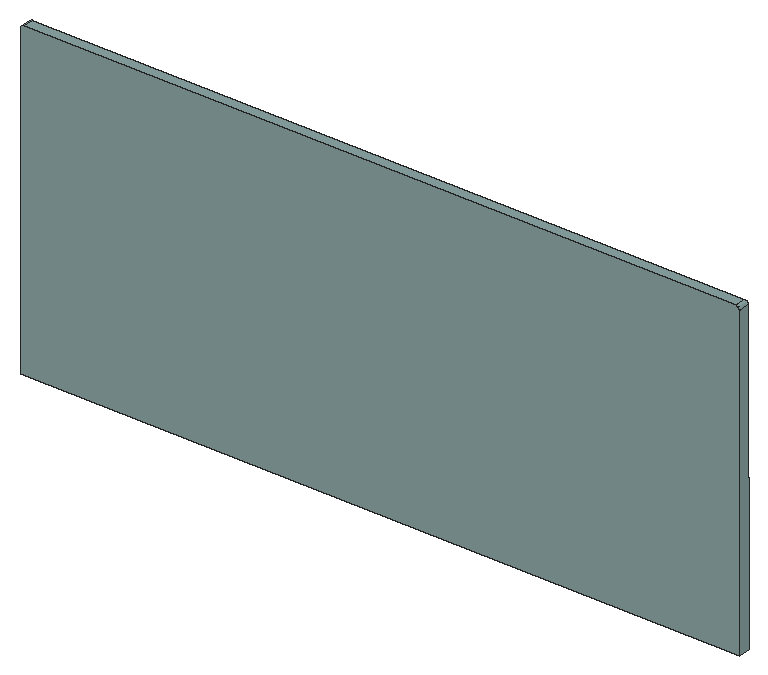
Revit family "Haworth_BelongPlus_Screen_HAB Limited", category Furniture Systems, Revit 2018
Family settings
  Round Connector Dimension = Use Diameter
  Part Type = Normal
  OmniClass Number = 23.40.70.14.64.21
  OmniClass Title = Systems Furniture
  Work Plane-Based = No
  Always vertical = Yes
  Cut with Voids When Loaded = No
  Shared = No
  Room Calculation Point = No
Parameters (values of type "Back or End Screen - 25h 58w")
  Worksurface Thickness = 1 3/16"  # constant formula
  Worksurface Height = 29"
  Width = 58"
  Warranty = "http://www.haworth.com/resources/product-info/warranties"
  URL - Product = "http://www.haworth.com/products/accessories/privacy-screens/belong-plus-privacy-screens"
  URL = "http://www.haworth.com/"
  Type Comments = ""
  Sustainability Info = "https://www.haworth.com/na/en/expertise/sustainability.html"
  Size = "Verify Final Dim. w/ Haworth"  # constant formula
  Screen Finish = Haworth _ Fabric _ Tellure _ Miami 3A-33
  Screen Depth = 7/8"  # constant formula
  Revision Number = "1"  # constant formula
  Panel Bottom Offset = 0"  # constant formula
  Bracket Width = 1 1/4"  # constant formula
  Bracket Finish = Haworth _ Metal _ Brushed Aluminum
  Actual Mounting Height = 27 13/16"
  Actual Bottom of Glass Height [instance] = 24 9/16"  # constant formula
  Model = "Haworth - Belong Plus - Screen"  # constant formula
  Standard Widths = "23-58 in."  # constant formula
  Standard Heights = "17in. or 25 in."  # constant formula
  Min. Width = 24"  # constant formula
  Middle Bracket = Actual Width > 48"  # yes
  Max. Width = 58"  # constant formula
  Min. Height = 17"  # constant formula
  Max. Height = 25"  # constant formula
  Manufacturer = "Haworth"  # constant formula
  Height = 25"
  Description = "Haworth - Belong Plus - Screen"
  Bracket Spacing = Actual Width - 10"  # 47 1/2"
  Bracket Offset = 4 3/8"  # constant formula
  Author = "Haworth (Hampton)"  # constant formula
  Assembly Code = "E2020200"
  Actual Width = if(Width > Max. Width, Max. Width - 1/2", if(Width < Min. Width, Min. Width - 1/2", Width - 1/2"))  # 57 1/2"
  Actual Height = if(Height > Max. Height, Max. Height, if(Height < Min. Height, Min. Height, Height))  # 25"
Reference planes (in)
  plane 1 "Center F/B": y = 0
  plane 2: z = 0
  plane 3 "Center L/R": x = -1.28601
  plane 4 "Screen Top": z = 49.5625
  plane 5 "Bottom": z = 24.5625
  plane 6 "Left": x = -30.03601
  plane 7 "Right": x = 27.46399
  plane 8 "Back": y = 0.4375
  plane 9 "Table Height Bottom": z = 27.8125
  plane 10 "Front": y = -0.4375
  plane 11 "Right Bracket": x = 23.08899
  plane 12 "Left Bracket": x = -25.66101
  plane 13 "Panel Bottom": z = 24.5625
  plane 14: y = 3.5625
  plane 15: z = 25.75
  plane 16: x = -1.91101
  plane 17: x = -0.66101
Forms (in)
  Extrusion 1, solid, material "Haworth _ Fabric _ Tellure _ Miami 3A-33" <- "Screen Finish"
    sketch origin (0, 0, 24) x (1, 0, 0) y (0, 0, 1)
      loop
        arc (-29.72351, 25.5625) -> (-29.94448, 25.47097) -> (-30.03601, 25.25) r 0.3125
        line (-30.03601, 25.25) -> (-30.03601, 0.5625) -> (27.46399, 0.5625) -> (27.46399, 25.25)
        arc (27.46399, 25.25) -> (27.37247, 25.47097) -> (27.15149, 25.5625) r 0.3125
        line (27.15149, 25.5625) -> (-29.72351, 25.5625)
    from 0.4375 to -0.4375
  Extrusion 2, solid, material "Haworth _ Metal _ Brushed Aluminum" <- "Bracket Finish"
    sketch origin (-1.28601, 0, 0) x (0, 1, 0) y (0, 0, 1)
      loop
        line (3.5625, 27.8125) -> (0.4375, 27.8125) -> (0.4375, 25.75) -> (0.6875, 25.75) -> (0.6875, 27.5625) -> (3.5625, 27.5625) -> (3.5625, 27.8125)
    from 23.125 to 24.375
  Extrusion 3, solid, material "Haworth _ Metal _ Brushed Aluminum" <- "Bracket Finish"
    sketch origin (-1.28601, 0, 0) x (0, 1, 0) y (0, 0, -1)
      loop
        line (3.5625, -27.8125) -> (3.5625, -27.5625) -> (0.6875, -27.5625) -> (0.6875, -25.75) -> (0.4375, -25.75) -> (0.4375, -27.8125) -> (3.5625, -27.8125)
    from 23.125 to 24.375
  Extrusion 4, solid, material "Haworth _ Metal _ Brushed Aluminum" <- "Bracket Finish", visible <- "Middle Bracket"
    sketch origin (-1.28601, 0, 0) x (0, 1, 0) y (0, 0, 1)
      loop
        line (3.5625, 27.8125) -> (0.4375, 27.8125) -> (0.4375, 25.75) -> (0.6875, 25.75) -> (0.6875, 27.5625) -> (3.5625, 27.5625) -> (3.5625, 27.8125)
    from -0.625 to 0.625
Lines and regions (in)
  Masking region 1
    outline origin (0, 0, 49.5625) x (-1, 0, 0) y (0, -1, 0)
      loop
        line (30.03601, -0.4375) -> (30.03601, 0.4375) -> (-27.46399, 0.4375) -> (-27.46399, -0.4375) -> (30.03601, -0.4375)
  Masking region 2, detail levels fine
    outline origin (0, 0, 0) x (1, 0, 0) y (0, 1, 0)
      loop
        line (-25.66101, 3.5625) -> (-25.66101, 0.4375) -> (-24.41101, 0.4375) -> (-24.41101, 3.5625) -> (-25.66101, 3.5625)
      loop
        line (21.83899, 3.5625) -> (21.83899, 0.4375) -> (23.08899, 0.4375) -> (23.08899, 3.5625) -> (21.83899, 3.5625)
  Masking region 3, visible <- "Middle Bracket", detail levels fine
    outline origin (11.27631, 4.10424, 0) x (1, 0, 0) y (0, 1, 0)
      loop
        line (-13.18732, -0.54174) -> (-13.18732, -3.66674) -> (-11.93732, -3.66674) -> (-11.93732, -0.54174) -> (-13.18732, -0.54174)
Dimensions and locks (in)
  "Actual Height": plane 4 "Screen Top" to plane 5 "Bottom"
  equal spacing: plane 7 "Right", plane 3 "Center L/R", plane 6 "Left"
  "Actual Width": plane 6 "Left" to plane 7 "Right"
  "Screen Depth": plane 8 "Back" to plane 10 "Front"
  equal spacing: plane 8 "Back", plane 1 "Center F/B", plane 10 "Front"
  "Actual Mounting Height": plane 9 "Table Height Bottom" to plane 2
  "Bracket Offset": plane 7 "Right" to plane 11 "Right Bracket"
  "Bracket Offset": plane 12 "Left Bracket" to plane 6 "Left"
  "Actual Bottom of Glass Height": plane 5 "Bottom" to plane 2
  "Bracket Width": Extrusion 2 to Extrusion 2
  "Bracket Width": Extrusion 3 to Extrusion 3
  "Panel Bottom Offset": plane 13 "Panel Bottom" to plane 5 "Bottom"
  locked: plane 8 "Back" to plane 14 at 3.125
  locked: plane 9 "Table Height Bottom" to plane 15 at 2.0625
  equal spacing: plane 16, plane 3 "Center L/R", plane 17
  "Bracket Width": plane 16 to plane 17
  aligned and locked: Extrusion 1 sketch curve to plane 4 "Screen Top"
  aligned and locked: Extrusion 1 sketch curve to plane 7 "Right"
  aligned and locked: plane 8 "Back" to Extrusion 1
  aligned and locked: plane 10 "Front" to Extrusion 1
  aligned and locked: Masking region 1 sketch curve to Extrusion 1  (x2)
  aligned and locked: plane 10 "Front" to Masking region 1 sketch curve
  aligned and locked: plane 7 "Right" to Masking region 1 sketch curve
  aligned and locked: plane 11 "Right Bracket" to Extrusion 2
  aligned and locked: Extrusion 3 to plane 12 "Left Bracket"
  aligned and locked: Extrusion 1 to plane 13 "Panel Bottom"
  aligned and locked: plane 14 to Extrusion 2
  aligned and locked: plane 14 to Extrusion 3
  aligned and locked: Extrusion 2 to plane 15
  aligned and locked: Extrusion 3 to plane 15
  aligned and locked: plane 12 "Left Bracket" to Masking region 2 sketch curve
  aligned and locked: plane 8 "Back" to Masking region 2 sketch curve  (x2)
  aligned and locked: Masking region 2 sketch curve to plane 14  (x2)
  aligned and locked: Masking region 2 sketch curve to Extrusion 3
  aligned and locked: Masking region 2 sketch curve to Extrusion 2
  aligned and locked: Masking region 2 sketch curve to plane 11 "Right Bracket"
  aligned and locked: plane 8 "Back" to Masking region 3 sketch curve
  aligned and locked: Masking region 3 sketch curve to plane 14
  aligned and locked: plane 17 to Masking region 3 sketch curve
  aligned and locked: plane 16 to Masking region 3 sketch curve
  aligned and locked: Extrusion 4 to plane 16
Automatic sketch dimensions
  Extrusion 2 sketch curve to plane 8 "Back" = 0"
  Extrusion 2 sketch curve to plane 15 = 0"
  Extrusion 2 sketch curve to plane 9 "Table Height Bottom" = 0"
  Extrusion 2 sketch curve to plane 14 = 0"
  Extrusion 2 sketch curve to Extrusion 2 sketch curve = 1/4"  (x2)
  Extrusion 3 sketch curve to plane 8 "Back" = 0"
  Extrusion 3 sketch curve to plane 15 = 0"
  Extrusion 3 sketch curve to plane 9 "Table Height Bottom" = 0"
  Extrusion 3 sketch curve to plane 14 = 0"
  Extrusion 3 sketch curve to Extrusion 3 sketch curve = 1/4"  (x2)
  Extrusion 4 sketch curve to plane 8 "Back" = 0"
  Extrusion 4 sketch curve to plane 14 = 0"
  Extrusion 4 sketch curve to Extrusion 4 sketch curve = 1/4"  (x2)
  Extrusion 4 sketch curve to plane 9 "Table Height Bottom" = 2 1/16"
  Extrusion 4 sketch curve to Extrusion 4 sketch curve = 1 13/16"
  Extrusion 1 sketch curve to plane 6 "Left" = 0"
  Extrusion 1 sketch curve to plane 5 "Bottom" = 0"
  Extrusion 1 sketch curve to plane 4 "Screen Top" = 5/16"
  plane 7 "Right" to Extrusion 1 sketch curve = 5/16"
